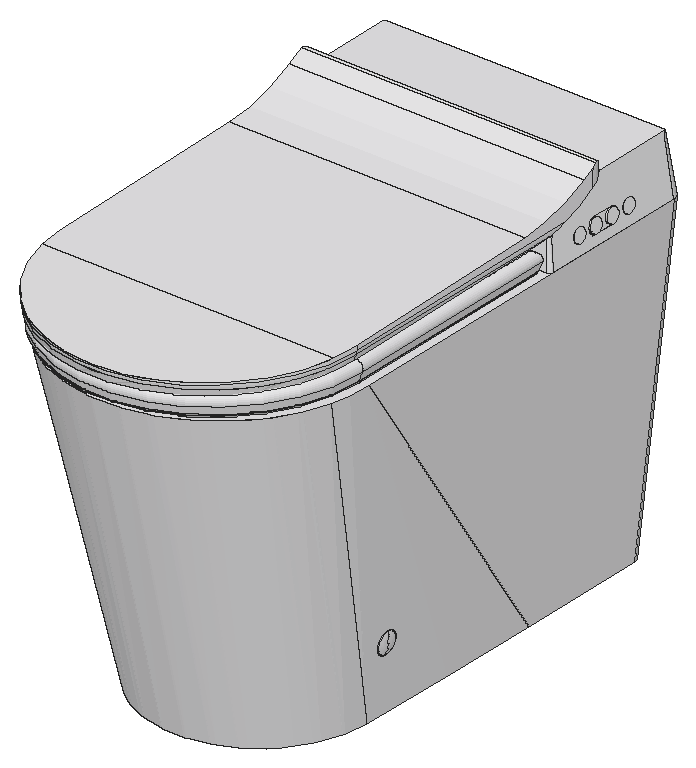
Revit family "Toilet-Floor_Mount_Intelligent-KOHLER-Leap-K-28529-1", category Plumbing Fixtures, host Face, Revit 2021 (continued)
Definition of nested family "K-28529"
  Lines and regions (in)
    symbolic lines, detail levels medium+fine
      curve 171: arc (7.21375, 0, 16.07865) -> (7.22688, 0, 16.08837) -> (7.2309, 0, 16.1042) r 0.0243
      curve 179: line (6.10792, 0, 5.03111) -> (5.76584, 0, 2.11325)
      curve 180: circle (0, -1.90018, 17.16295) r 0.16054 normal (1, 0, 0)
      curve 181: line (0, -5.13376, 15.76598) -> (0, -5.13376, 17.79247)
      curve 182: arc (0, -5.13376, 17.79247) -> (0, -5.1491, 17.82951) -> (0, -5.18613, 17.84485) r 0.05238
      curve 183: line (0, -5.18613, 17.84485) -> (0, -6.09611, 17.84485)
      curve 184: line (0, -6.09611, 17.84485) -> (0, -6.83893, 17.43309)
      curve 185: arc (0, -6.83893, 17.43309) -> (0, -6.87382, 17.39938) -> (0, -6.88715, 17.35272) r 0.09361
      curve 186: line (0, -6.88715, 17.35272) -> (0, -6.91267, 15.76598)
      curve 187: circle (0, -5.22136, 15.83788) r 0.04264 normal (1, 0, 0)
      curve 188: circle (0, -5.37937, 15.83788) r 0.04264 normal (1, 0, 0)
      curve 189: circle (0, -5.49778, 15.83788) r 0.04264 normal (1, 0, 0)
      curve 190: circle (0, -5.62538, 15.83788) r 0.04264 normal (1, 0, 0)
      curve 191: circle (0, -5.75153, 15.83788) r 0.04264 normal (1, 0, 0)
      curve 192: circle (0, -5.8877, 15.83788) r 0.04264 normal (1, 0, 0)
      curve 193: circle (0, -6.02056, 15.83788) r 0.04264 normal (1, 0, 0)
      curve 194: circle (0, -6.14593, 15.83788) r 0.04264 normal (1, 0, 0)
      curve 195: circle (0, -6.27304, 15.83788) r 0.04264 normal (1, 0, 0)
      curve 196: circle (0, -6.39782, 15.83788) r 0.04264 normal (1, 0, 0)
      curve 197: circle (0, -6.51796, 15.83788) r 0.04264 normal (1, 0, 0)
      curve 198: circle (0, -6.64159, 15.83788) r 0.04264 normal (1, 0, 0)
      curve 199: circle (0, -6.77044, 15.83788) r 0.04264 normal (1, 0, 0)
      curve 200: circle (0, -5.22136, 16.03473) r 0.04264 normal (1, 0, 0)
      curve 201: circle (0, -5.37937, 16.03473) r 0.04264 normal (1, 0, 0)
      curve 202: circle (0, -5.49778, 16.03473) r 0.04264 normal (1, 0, 0)
      curve 203: circle (0, -5.62538, 16.03473) r 0.04264 normal (1, 0, 0)
      curve 204: circle (0, -5.75153, 16.03473) r 0.04264 normal (1, 0, 0)
      curve 205: circle (0, -5.8877, 16.03473) r 0.04264 normal (1, 0, 0)
      curve 206: circle (0, -6.02056, 16.03473) r 0.04264 normal (1, 0, 0)
      curve 207: circle (0, -6.14593, 16.03473) r 0.04264 normal (1, 0, 0)
      curve 208: circle (0, -6.27304, 16.03473) r 0.04264 normal (1, 0, 0)
      curve 209: circle (0, -6.39782, 16.03473) r 0.04264 normal (1, 0, 0)
      curve 210: circle (0, -6.51796, 16.03473) r 0.04264 normal (1, 0, 0)
      curve 211: circle (0, -6.64159, 16.03473) r 0.04264 normal (1, 0, 0)
      curve 212: circle (0, -6.77044, 16.03473) r 0.04264 normal (1, 0, 0)
      curve 213: circle (0, -5.22136, 16.23158) r 0.04264 normal (1, 0, 0)
      curve 214: circle (0, -5.37937, 16.23158) r 0.04264 normal (1, 0, 0)
      curve 215: circle (0, -5.49778, 16.23158) r 0.04264 normal (1, 0, 0)
      curve 216: circle (0, -5.62538, 16.23158) r 0.04264 normal (1, 0, 0)
      curve 217: circle (0, -5.75153, 16.23158) r 0.04264 normal (1, 0, 0)
      curve 218: circle (0, -5.8877, 16.23158) r 0.04264 normal (1, 0, 0)
      curve 219: circle (0, -6.02056, 16.23158) r 0.04264 normal (1, 0, 0)
      curve 220: circle (0, -6.14593, 16.23158) r 0.04264 normal (1, 0, 0)
      curve 221: circle (0, -6.27304, 16.23158) r 0.04264 normal (1, 0, 0)
      curve 222: circle (0, -6.39782, 16.23158) r 0.04264 normal (1, 0, 0)
      curve 223: circle (0, -6.51796, 16.23158) r 0.04264 normal (1, 0, 0)
      curve 224: circle (0, -6.64159, 16.23158) r 0.04264 normal (1, 0, 0)
      curve 225: circle (0, -6.77044, 16.23158) r 0.04264 normal (1, 0, 0)
      curve 226: circle (0, -5.22136, 16.42843) r 0.04264 normal (1, 0, 0)
      curve 227: circle (0, -5.37937, 16.42843) r 0.04264 normal (1, 0, 0)
      curve 228: circle (0, -5.49778, 16.42843) r 0.04264 normal (1, 0, 0)
      curve 229: circle (0, -5.62538, 16.42843) r 0.04264 normal (1, 0, 0)
      curve 230: circle (0, -5.75153, 16.42843) r 0.04264 normal (1, 0, 0)
      curve 231: circle (0, -5.8877, 16.42843) r 0.04264 normal (1, 0, 0)
      curve 232: circle (0, -6.02056, 16.42843) r 0.04264 normal (1, 0, 0)
      curve 233: circle (0, -6.14593, 16.42843) r 0.04264 normal (1, 0, 0)
      curve 234: circle (0, -6.27304, 16.42843) r 0.04264 normal (1, 0, 0)
      curve 235: circle (0, -6.39782, 16.42843) r 0.04264 normal (1, 0, 0)
      curve 236: circle (0, -6.51796, 16.42843) r 0.04264 normal (1, 0, 0)
      curve 237: circle (0, -6.64159, 16.42843) r 0.04264 normal (1, 0, 0)
      curve 238: circle (0, -6.77044, 16.42843) r 0.04264 normal (1, 0, 0)
      curve 239: circle (0, -5.22136, 16.62528) r 0.04264 normal (1, 0, 0)
      curve 240: circle (0, -5.37937, 16.62528) r 0.04264 normal (1, 0, 0)
      curve 241: circle (0, -5.49778, 16.62528) r 0.04264 normal (1, 0, 0)
      curve 242: circle (0, -5.62538, 16.62528) r 0.04264 normal (1, 0, 0)
      curve 243: circle (0, -5.75153, 16.62528) r 0.04264 normal (1, 0, 0)
      curve 244: circle (0, -5.8877, 16.62528) r 0.04264 normal (1, 0, 0)
      curve 245: circle (0, -6.02056, 16.62528) r 0.04264 normal (1, 0, 0)
      curve 246: circle (0, -6.14593, 16.62528) r 0.04264 normal (1, 0, 0)
      curve 247: circle (0, -6.27304, 16.62528) r 0.04264 normal (1, 0, 0)
      curve 248: circle (0, -6.39782, 16.62528) r 0.04264 normal (1, 0, 0)
      curve 249: circle (0, -6.51796, 16.62528) r 0.04264 normal (1, 0, 0)
      curve 250: circle (0, -6.64159, 16.62528) r 0.04264 normal (1, 0, 0)
      curve 251: circle (0, -6.77044, 16.62528) r 0.04264 normal (1, 0, 0)
      curve 252: circle (0, -5.22136, 16.82213) r 0.04264 normal (1, 0, 0)
      curve 253: circle (0, -5.37937, 16.82213) r 0.04264 normal (1, 0, 0)
      curve 254: circle (0, -5.49778, 16.82213) r 0.04264 normal (1, 0, 0)
      curve 255: circle (0, -5.62538, 16.82213) r 0.04264 normal (1, 0, 0)
      curve 256: circle (0, -5.75153, 16.82213) r 0.04264 normal (1, 0, 0)
      curve 257: circle (0, -5.8877, 16.82213) r 0.04264 normal (1, 0, 0)
      curve 258: circle (0, -6.02056, 16.82213) r 0.04264 normal (1, 0, 0)
      curve 259: circle (0, -6.14593, 16.82213) r 0.04264 normal (1, 0, 0)
      curve 260: circle (0, -6.27304, 16.82213) r 0.04264 normal (1, 0, 0)
      curve 261: circle (0, -6.39782, 16.82213) r 0.04264 normal (1, 0, 0)
      curve 262: circle (0, -6.51796, 16.82213) r 0.04264 normal (1, 0, 0)
      curve 263: circle (0, -6.64159, 16.82213) r 0.04264 normal (1, 0, 0)
      curve 264: circle (0, -6.77044, 16.82213) r 0.04264 normal (1, 0, 0)
      curve 265: circle (0, -5.22136, 17.01898) r 0.04264 normal (1, 0, 0)
      curve 266: circle (0, -5.37937, 17.01898) r 0.04264 normal (1, 0, 0)
      curve 267: circle (0, -5.49778, 17.01898) r 0.04264 normal (1, 0, 0)
      curve 268: circle (0, -5.62538, 17.01898) r 0.04264 normal (1, 0, 0)
      curve 269: circle (0, -5.75153, 17.01898) r 0.04264 normal (1, 0, 0)
      curve 270: circle (0, -5.8877, 17.01898) r 0.04264 normal (1, 0, 0)
      curve 271: circle (0, -6.02056, 17.01898) r 0.04264 normal (1, 0, 0)
      curve 272: circle (0, -6.14593, 17.01898) r 0.04264 normal (1, 0, 0)
      curve 273: circle (0, -6.27304, 17.01898) r 0.04264 normal (1, 0, 0)
      curve 274: circle (0, -6.39782, 17.01898) r 0.04264 normal (1, 0, 0)
      curve 275: circle (0, -6.51796, 17.01898) r 0.04264 normal (1, 0, 0)
      curve 276: circle (0, -6.64159, 17.01898) r 0.04264 normal (1, 0, 0)
      curve 277: circle (0, -6.77044, 17.01898) r 0.04264 normal (1, 0, 0)
      curve 278: circle (0, -5.22136, 17.21583) r 0.04264 normal (1, 0, 0)
      curve 279: circle (0, -5.37937, 17.21583) r 0.04264 normal (1, 0, 0)
      curve 280: circle (0, -5.49778, 17.21583) r 0.04264 normal (1, 0, 0)
      curve 281: circle (0, -5.62538, 17.21583) r 0.04264 normal (1, 0, 0)
      curve 282: circle (0, -5.75153, 17.21583) r 0.04264 normal (1, 0, 0)
      curve 283: circle (0, -5.8877, 17.21583) r 0.04264 normal (1, 0, 0)
      curve 284: circle (0, -6.02056, 17.21583) r 0.04264 normal (1, 0, 0)
      curve 285: circle (0, -6.14593, 17.21583) r 0.04264 normal (1, 0, 0)
      curve 286: circle (0, -6.27304, 17.21583) r 0.04264 normal (1, 0, 0)
      curve 287: circle (0, -6.39782, 17.21583) r 0.04264 normal (1, 0, 0)
      curve 288: circle (0, -6.51796, 17.21583) r 0.04264 normal (1, 0, 0)
      curve 289: circle (0, -6.64159, 17.21583) r 0.04264 normal (1, 0, 0)
      curve 290: circle (0, -6.77044, 17.21583) r 0.04264 normal (1, 0, 0)
      curve 291: circle (0, -5.22136, 17.41268) r 0.04264 normal (1, 0, 0)
      curve 292: circle (0, -5.37937, 17.41268) r 0.04264 normal (1, 0, 0)
      curve 293: circle (0, -5.49778, 17.41268) r 0.04264 normal (1, 0, 0)
      curve 294: circle (0, -5.62538, 17.41268) r 0.04264 normal (1, 0, 0)
      curve 295: circle (0, -5.75153, 17.41268) r 0.04264 normal (1, 0, 0)
      curve 296: circle (0, -5.8877, 17.41268) r 0.04264 normal (1, 0, 0)
      curve 297: circle (0, -6.02056, 17.41268) r 0.04264 normal (1, 0, 0)
      curve 298: circle (0, -6.14593, 17.41268) r 0.04264 normal (1, 0, 0)
      curve 299: circle (0, -6.27304, 17.41268) r 0.04264 normal (1, 0, 0)
      curve 300: circle (0, -6.39782, 17.41268) r 0.04264 normal (1, 0, 0)
      curve 301: circle (0, -6.51796, 17.41268) r 0.04264 normal (1, 0, 0)
      curve 302: circle (0, -6.64159, 17.41268) r 0.04264 normal (1, 0, 0)
      curve 303: circle (0, -6.77044, 17.41268) r 0.04264 normal (1, 0, 0)
      curve 304: circle (0, -5.22136, 17.60953) r 0.04264 normal (1, 0, 0)
      curve 305: circle (0, -5.37937, 17.60953) r 0.04264 normal (1, 0, 0)
      curve 306: circle (0, -5.49778, 17.60953) r 0.04264 normal (1, 0, 0)
      curve 307: circle (0, -5.62538, 17.60953) r 0.04264 normal (1, 0, 0)
      curve 308: circle (0, -5.75153, 17.60953) r 0.04264 normal (1, 0, 0)
      curve 309: circle (0, -5.8877, 17.60953) r 0.04264 normal (1, 0, 0)
      curve 310: circle (0, -6.02056, 17.60953) r 0.04264 normal (1, 0, 0)
      curve 311: circle (0, -6.14593, 17.60953) r 0.04264 normal (1, 0, 0)
      curve 312: circle (0, -6.27304, 17.60953) r 0.04264 normal (1, 0, 0)
      curve 313: circle (0, -6.39782, 17.60953) r 0.04264 normal (1, 0, 0)
      curve 314: circle (0, -5.22136, 17.7776) r 0.04264 normal (1, 0, 0)
      curve 315: circle (0, -5.37937, 17.7776) r 0.04264 normal (1, 0, 0)
      curve 316: circle (0, -5.49778, 17.7776) r 0.04264 normal (1, 0, 0)
      curve 317: circle (0, -5.62538, 17.7776) r 0.04264 normal (1, 0, 0)
      curve 318: circle (0, -5.75153, 17.7776) r 0.04264 normal (1, 0, 0)
      curve 319: circle (0, -5.8877, 17.7776) r 0.04264 normal (1, 0, 0)
      curve 320: circle (0, -6.02056, 17.7776) r 0.04264 normal (1, 0, 0)
    symbolic lines
      curve 6: line (-6.34468, -5.38042, 0) -> (6.24272, -5.38042, 0)
      curve 7: arc (-7.12809, -6.00511, 0) -> (-7.12029, -11.74711, 0) -> (-7.1251, -17.48912, 0) r 2611.16093
      curve 8: arc (6.24272, -5.38042, 0) -> (6.55909, -5.43527, 0) -> (6.83853, -5.59343, 0) r 0.93977
      curve 9: arc (-7.12809, -6.00511, 0) -> (-7.02263, -5.75258, 0) -> (-6.83853, -5.55008, 0) r 0.80358
      curve 36: line (-6.83853, -5.55008, 0) -> (-6.83853, -1.92178, 0)
      curve 37: line (6.83853, -5.59343, 0) -> (6.83853, -1.92178, 0)
      curve 38: line (6.36609, -1.44934, 0) -> (-6.36609, -1.44934, 0)
      curve 39: arc (-6.36609, -1.44934, 0) -> (-6.70016, -1.58772, 0) -> (-6.83853, -1.92178, 0) r 0.47244
      curve 40: arc (6.36609, -1.44934, 0) -> (6.70016, -1.58772, 0) -> (6.83853, -1.92178, 0) r 0.47244
      curve 172: arc (-7.1251, -17.48912, 0) -> (-7.12679, -19.08118, 0) -> (-7.1257, -20.67323, 0) r 908.59878
      curve 173: arc (7.12809, -6.00511, 0) -> (7.12512, -7.35914, 0) -> (7.12284, -8.71318, 0) r 2611.16093
      curve 174: arc (7.1251, -17.48912, 0) -> (7.12679, -19.08118, 0) -> (7.1257, -20.67323, 0) r 908.59878
      curve 175: arc (7.12284, -8.71318, 0) -> (7.12263, -8.86618, 0) -> (7.12242, -9.01919, 0) r 2611.16093
      curve 176: arc (7.12242, -9.01919, 0) -> (7.12033, -13.25416, 0) -> (7.1251, -17.48912, 0) r 2611.16093
      curve 177: arc (-6.83853, -5.55008, 0) -> (-6.60577, -5.42402, 0) -> (-6.34468, -5.38042, 0) r 0.80358
      curve 178: arc (6.83853, -5.59343, 0) -> (7.01139, -5.77953, 0) -> (7.12809, -6.00511, 0) r 0.93977
  Dimensions and locks (in)
    plane 8 to level = 19.36614"
    plane 7 to level = 15.74803"
    plane 1 "Center (Front/Back)" to plane 5 = 12.00787"
    plane 5 to plane 9 = 9.64567"
    plane 5 to plane 1 "Center (Front/Back)" = 12.00787"
    plane 4 to plane 6 = 26.79921"
    plane 1 "Center (Front/Back)" to plane 4 = 0.7874"
    plane 8 to plane 17 = 20.06299"  (x2)
    plane 4 to plane 5 = 11.22047"
    plane 5 to plane 20 = 10.33858"
    aligned and locked: plane 2 to level
